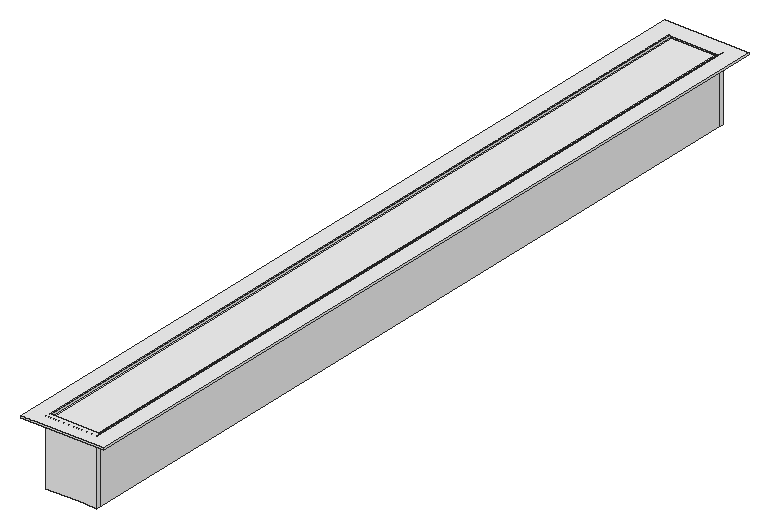
Revit family "EOS3.0-R-D", category Lighting Fixtures, host Face, Revit 2018
Family settings
  Host = Face
  Round Connector Dimension = Use Diameter
  Part Type = Normal
  Cut with Voids When Loaded = No
  Light Source = Yes
  Shared = Yes
  Room Calculation Point = Yes
Parameters (values of type "4' Direct")
  Wattage = 17.6471 W
  built-in parameter 1150110 = 1 (stored number, unit not read)
  Voltage = 0 V
  Type Comments = "LUX ILLUMINAIRE"
  Trim = yes
  built-in parameter 1114217 = 1 (stored number, unit not read)
  Tilt Angle = 90.00°
  built-in parameter 1150109 = 1 (stored number, unit not read)
  built-in parameter 1150134 = 12
  Switch Leg Visibility = no
  Switch Leg [instance] = ""
  built-in parameter 1150113 = 1 (stored number, unit not read)
  Photometric Web File = "EOS 3.0-R-FT 375 4 40K 8.ies"
  Material [instance] = LUX ILLUMINAIRE White
  Manufacturer = ""
  built-in parameter 1150105 = 119.37 (stored number, unit not read)
  Lumens = 1500 lm
  built-in parameter 1150115 = 1 (stored number, unit not read)
  built-in parameter 1150137 = (empty or 0)
  built-in parameter 1150139 = (empty or 0)
  built-in parameter 1150112 = 1 (stored number, unit not read)
  built-in parameter 1150114 = 1 (stored number, unit not read)
  Lamp = "LED"
  built-in parameter 1150132 = 2
  built-in parameter 1150102 = (empty or 0)
  built-in parameter 1150107 = 4000 (stored number, unit not read)
  built-in parameter 1150138 = (empty or 0)
  built-in parameter 1150106 = 1.1937 (stored number, unit not read)
  Fixture Width = 0' - 3 19/128"  # constant formula
  Fixture Symbol Visiblity = yes
  Fixture Length = 4' - 0"
  Emit from Rectangle Width = Fixture Width - 0' 0 1/4"  # 0' - 2 115/128"
  Emit from Rectangle Length = Fixture Length  # 4' - 0"
  Emit Shape Visible in Rendering = yes
  Emergency Lighting [instance] = no
  built-in parameter 1150104 = 7.8968 (stored number, unit not read)
  Dimming Lamp Color Temperature Shift = <None>
  Default Elevation = 4' - 0"
  Color Filter = 16777215
  built-in parameter 1140040 [instance] = 1
  built-in parameter 1114218 = 1 (stored number, unit not read)
  built-in parameter 1150133 = 10 (stored number, unit not read)
  Apparent Load = 14.6 VA
Types (7): name | Wattage | Type Comments | Manufacturer | built-in parameter 1150105 | Lumens | built-in parameter 1150106 | Fixture Length | Emit from Rectangle Length | Apparent Load
  2' Direct | 8.82353 W | 0' - 0" | "LUX ILLUMINAIRE" | 59.683 (stored number, unit not read) | 750 lm | 0.59683 (stored number, unit not read) | 2' - 0" | 2' - 0" | 7.4 VA
  3' Direct | 13.2353 W | "LUX ILLUMINAIRE" | "" | 89.525 (stored number, unit not read) | 1125 lm | 0.89525 (stored number, unit not read) | 3' - 0" | 3' - 0" | 11 VA
  4' Direct | 17.6471 W | "LUX ILLUMINAIRE" | "" | 119.37 (stored number, unit not read) | 1500 lm | 1.1937 (stored number, unit not read) | 4' - 0" | 4' - 0" | 14.6 VA
  5' Direct | 22.0588 W | "LUX ILLUMINAIRE" | "" | 149.21 (stored number, unit not read) | 1875 lm | 1.4921 (stored number, unit not read) | 5' - 0" | 5' - 0" | 18.2 VA
  6' Direct | 26.4706 W | 0' - 0" | "LUX ILLUMINAIRE" | 179.05 (stored number, unit not read) | 2250 lm | 1.7905 (stored number, unit not read) | 6' - 0" | 6' - 0" | 21.9 VA
  7' Direct | 30.8824 W | 0' - 0" | "LUX ILLUMINAIRE" | 208.89 (stored number, unit not read) | 2625 lm | 2.0889 (stored number, unit not read) | 7' - 0" | 7' - 0" | 25.5 VA
  8' Direct | 35.2941 W | 0' - 0" | "LUX ILLUMINAIRE" | 238.73 (stored number, unit not read) | 3000 lm | 2.3873 (stored number, unit not read) | 8' - 0" | 8' - 0" | 29.2 VA
Reference planes (in)
  plane 1 "Center (Front/Back)": y = 0
  plane 2: z = 0
  plane 3 "Center (Left/Right)": x = 0
  plane 4: x = 1.57422
  plane 5: x = -1.57422
  plane 6: y = 24
  plane 7: y = -24
  plane 8: z = 0
  plane 9: y = 24.25
  plane 10: y = -24.25
  plane 11: z = -3.91797
Forms (in)
  Extrusion 1, solid, material "LUX ILLUMINAIRE White" <- "Material"
    sketch origin (0, 0, -20.03125) x (1, 0, 0) y (0, 0, 1)
      loop
        line (-1.57447, 16.11178) -> (-0.437, 16.11178) -> (0.438, 16.11178) -> (1.57548, 16.11178) -> (1.57548, 20.12626) -> (1.49049, 20.12626) -> (1.49049, 20.01325) -> (1.3385, 20.03122) -> (-1.33792, 20.03122) -> (-1.48948, 20.01325) -> (-1.48948, 20.12626) -> (-1.57447, 20.12626) -> (-1.57447, 16.11178)
    from -24 to 24
  Extrusion 2, solid, material "LUX ILLUMINAIRE White" <- "Material"
    sketch origin (0, 0, -20.03125) x (1, 0, 0) y (0, 0, 1)
      loop
        line (-1.57447, 20.12626) -> (-1.57447, 16.11178) -> (-0.437, 16.11178) -> (0.438, 16.11178) -> (1.57548, 16.11178) -> (1.57548, 20.12626) -> (-1.57447, 20.12626)
    from 24 to 24.25
  Extrusion 3, solid, not visible
    sketch origin (0, 0, 0) x (1, 0, 0) y (0, 1, 0)
      loop
        circle (0.00029, -24) r 0.1875
    from 0 to 1
  Extrusion 4, solid, not visible
    sketch origin (0, 0, 0) x (1, 0, 0) y (0, 1, 0)
      loop
        circle (0.0005, -24) r 0.03125
    from 1 to 13.33203
  Extrusion 5, solid, not visible
    sketch origin (0, 0, 0) x (1, 0, 0) y (0, 1, 0)
      loop
        circle (0.0005, -24) r 0.18729
    from 13.33203 to 14.08203
  Extrusion 6, solid, material "LUX ILLUMINAIRE White" <- "Material"
    sketch origin (0.00056, 24, -20.03125) x (1, 0, 0) y (0, 0, -1)
      loop
        line (-1.57478, -20.12626) -> (1.57366, -20.12626) -> (1.57366, -16.11178) -> (0.438, -16.11178) -> (-0.437, -16.11178) -> (-1.57478, -16.11178) -> (-1.57478, -20.12626)
    from 0 to 0.25
  Extrusion 7, solid, material "LUX ILLUMINAIRE White" <- "Material", visible <- "Trim"
    sketch origin (0, 0, 0) x (1, 0, 0) y (0, 1, 0)
      loop
        line (-2.57422, 25) -> (-2.57422, -25) -> (2.57422, -25) -> (2.57422, 25) -> (-2.57422, 25)
      loop
        line (-1.57422, 24) -> (-1.57422, -24) -> (1.57422, -24) -> (1.57422, 24) -> (-1.57422, 24)
    from 0 to 0.125
Lines and regions (in)
  symbolic lines, visible <- "Fixture Symbol Visiblity"
    curve 1: line (-1.57422, 24, 0) -> (1.57422, 24, 0)
    curve 2: line (-1.57422, -24, 0) -> (-1.57422, 24, 0)
    curve 3: line (1.57422, -24, 0) -> (-1.57422, -24, 0)
    curve 4: line (1.57422, 24, 0) -> (1.57422, -24, 0)
Dimensions and locks (in)
  plane 5 to plane 4 = 0' - 3 19/128"
  equal spacing: plane 7, plane 1 "Center (Front/Back)", plane 6
  "Fixture Length": plane 7 to plane 6
  plane 8 to host face = 0' - 0"
  locked: plane 6 to plane 9 at 0.25
  locked: plane 10 to plane 7 at 0.25
  Extrusion 6 to plane 8 to plane 11 = 0' - 0.09501" locked, 0' - 3 235/256" locked
  "Fixture Width": plane 4 to plane 5
  equal spacing: plane 4, plane 3 "Center (Left/Right)", plane 5
  locked: nested 2 to plane 10 at 9.5
  plane 11 to plane 8 = 0' - 3 235/256"
  Extrusion 7 sketch curve to Extrusion 7 sketch curve = 0' - 1"  (x3)
  Extrusion 2 to Extrusion 7 sketch curve = 0' - 1"
  aligned and locked: plane 2 to host face
  aligned and locked: level to host face
  aligned and locked: Extrusion 6 to plane 5
  aligned and locked: plane 4 to Extrusion 6
  aligned and locked: plane 6 to Extrusion 6
  aligned and locked: Extrusion 1 to plane 6
  aligned and locked: plane 10 to Extrusion 2
  aligned and locked: Extrusion 2 to plane 7
  aligned and locked: plane 7 to Extrusion 1
  aligned and locked: Extrusion 6 to plane 9
  aligned and locked: plane 7 to nested 1
  aligned and locked: plane 6 to curve 1
  aligned and locked: plane 5 to curve 2
  aligned and locked: curve 3 to plane 7
  aligned and locked: curve 4 to plane 4
  aligned and locked: nested 1 to plane 6
  aligned and locked: Extrusion 7 sketch curve to plane 4
  aligned and locked: Extrusion 7 sketch curve to plane 7
  aligned and locked: plane 5 to Extrusion 7 sketch curve
  aligned and locked: plane 6 to Extrusion 7 sketch curve
Automatic sketch dimensions
  host sketch curve to host sketch curve = 8' - 0"  (x2)
  Extrusion 1 sketch curve to plane 5 = 0' - 0.00025"
  plane 5 to Extrusion 1 sketch curve = 0' - 0.08474"  (x2)
  Extrusion 1 sketch curve to plane 8 = 0' - 0.018"  (x2)
  Extrusion 1 sketch curve to plane 8 = 0' - 0.00003"  (x2)
  Extrusion 1 sketch curve to Extrusion 1 sketch curve = 0' - 0.15157"
  Extrusion 1 sketch curve to plane 11 = 0' - 0.0015"
  Extrusion 1 sketch curve to plane 3 "Center (Left/Right)" = 0' - 0.437"
  plane 3 "Center (Left/Right)" to Extrusion 1 sketch curve = 0' - 0.438"
  Extrusion 1 sketch curve to plane 4 = 0' - 0.23572"
  Extrusion 1 sketch curve to plane 4 = 0' - 0.08373"  (x2)
  plane 4 to Extrusion 1 sketch curve = 0' - 0.00126"
  plane 8 to Extrusion 1 sketch curve = 0' - 0.09501"  (x2)
  Extrusion 1 sketch curve to Extrusion 1 sketch curve = 0' - 0"  (x2)
  Extrusion 2 sketch curve to plane 5 = 0' - 0.00025"
  Extrusion 2 sketch curve to plane 11 = 0' - 0.0015"
  Extrusion 2 sketch curve to plane 3 "Center (Left/Right)" = 0' - 0.437"
  plane 3 "Center (Left/Right)" to Extrusion 2 sketch curve = 0' - 0.438"
  plane 4 to Extrusion 2 sketch curve = 0' - 0.00126"
  plane 8 to Extrusion 2 sketch curve = 0' - 0.09501"
  plane 5 to Extrusion 6 sketch curve = 0' - 0"
  Extrusion 6 sketch curve to plane 11 = 0' - 0.0015"
  Extrusion 6 sketch curve to plane 3 "Center (Left/Right)" = 0' - 0.43644"
  plane 3 "Center (Left/Right)" to Extrusion 6 sketch curve = 0' - 0.43856"
  plane 4 to Extrusion 6 sketch curve = 0' - 0"
  plane 8 to Extrusion 6 sketch curve = 0' - 0.09501"
  radius of Extrusion 3 sketch curve = 0' - 0 3/16"
  radius of Extrusion 4 sketch curve = 0' - 0 1/32"
  radius of Extrusion 5 sketch curve = 0' - 0.18729"
Nested families (in)
  nested 1: "Emergency Symbol Rectangle" at (-10.7701, 0, 0) x (0, 1, 0) z (0, 0, 1), visible <- "Emergency Lighting", type "Emergency Symbol Rectangle"
    with Width 0' - 8.29019", Length 4' - 0"
  nested 2: "Switch Leg Annotation" at (9.99627, -14.75, 0) x (0, 1, 0) z (0, 0, 1), visible <- "Switch Leg Visibility", Switch Leg Annotation <- "Switch Leg", type "Switch Leg Annotation"
    with Switch Leg Annotation ""
Connectors (in)
  electrical at (-1.00574, 0, -3.91947), driven by "Apparent Load", driven by "Voltage"
    settings: on Extrusion 1, index 1, voltage 0 V, apparent load 0 VA, apparent load phase1 14.6 VA, apparent load phase2 0 VA, apparent load phase3 0 VA, power factor 1, load classification "Other", number of poles 1, system type 31, power factor state 1, is connector primary yes, connector utility no, sub classification motor no, connector description ""
Definition of nested family "Emergency Symbol Rectangle"
  Parameters (values of type "Emergency Symbol Rectangle")
    Width [instance] = 0' - 8 1/2"
    Length [instance] = 5' - 0"
    Emergency Visibility = no
  Reference planes (in)
    plane 1 "Center (Front/Back)": y = -7.75
    plane 2: z = 0
    plane 3 "Center (Left/Right)": x = -24
    plane 4: x = 24
    plane 5: x = -36
    plane 6: y = -3.5
    plane 7: y = -12
  Lines and regions (in)
    Filled region 1, type "Solid Fill - Black", in view "Ref. Level", detail levels coarse+medium
      outline origin (0, 0.25, 0) x (1, 0, 0) y (0, 1, 0)
        loop
          line (-36, -12.25) -> (24, -12.25) -> (-36, -10.125) -> (-36, -12.25)
  Dimensions and locks (in)
    equal spacing: plane 7, plane 1 "Center (Front/Back)", plane 6
    "Width": plane 7 to plane 6
    "Length": plane 5 to plane 4
    aligned and locked: plane 5 to Filled region 1
  Automatic sketch dimensions
    plane 1 "Center (Front/Back)" to Filled region 1 sketch curve = 0' - 2 1/8"
    Filled region 1 sketch curve to plane 3 "Center (Left/Right)" = 1' - 0"
    Filled region 1 sketch curve to plane 4 = 0' - 0"
    Filled region 1 sketch curve to plane 7 = 0' - 0"
Definition of nested family "Switch Leg Annotation"
  Parameters (values of type "Switch Leg Annotation")
    Switch Leg Annotation [instance] = ""
  Reference planes (in)
    plane 1: y = 0
    plane 2: x = 0
  Text (in)
    label "a" at (0.00527, 0.01239, 0), shows "Switch Leg Annotation"
